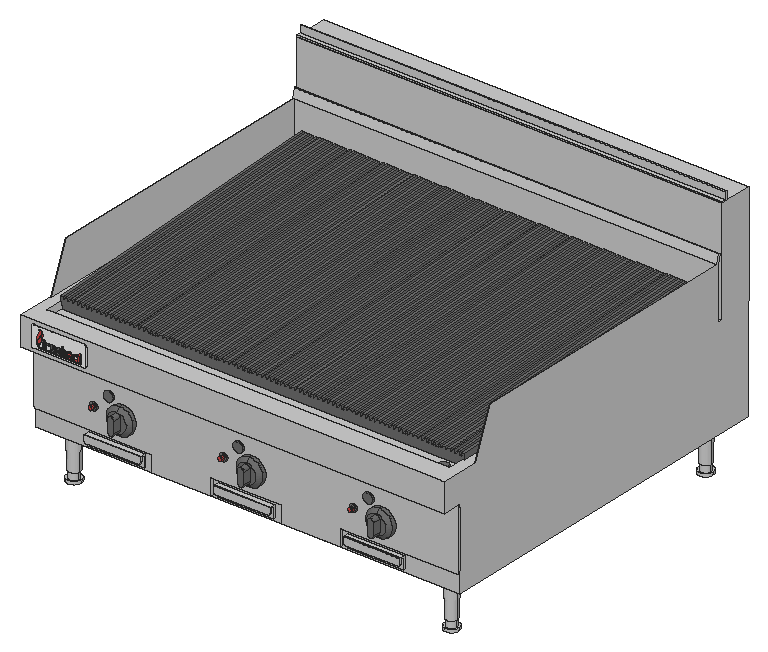
Revit family "QF_COMCATER ALL BRANDS_RCB9", category Specialty Equipment, Revit 2014
Parameters (values of type "RCB9_Natural Gas")
  URL Cutsheet = ""
  URL = ""
  Type Comments = "The Australian owned and designed* Trueheat RC Series of Gas Cooking Equipment has been developed for the restaurant and cafe market with a high quality finish, designed to fulfill the busy demands within a commercial kitchen.\r\nOur team of professionals have designed and engineered the ultimate barbecue by incorporating premium infrared technology. Heavy duty cast iron radiant hoods over powerful gas burners radiate heat to the grates are reversible for angled or flat operation.\r\n100% Flame failure controls included as standard. Piezo ignition included as standard."
  Status [instance] = ""
  Specification by User [instance] = ""
  Specification by Manufacturer [instance] = ""
  Seismic Rating = ""
  SMACNA No = ""
  Revision Code [instance] = ""
  Nominal Gas power = 23600 W
  NAFEM Spec ID Number = ""
  Model = "RCB9"
  Mechanical Connection Type [instance] = " "
  Masterspec = ""
  Manufacturer = "TRUEHEAT"
  Length Actual = 900 mm
  Item Number [instance] = ""
  Installed By [instance] = ""
  Identify Quantity as Lot [instance] = no
  Height Actual = 455 mm
  Gas power kW = 23.6
  Gas Size Flexible = 0 mm
  Gas Size = 19.05 mm
  Gas RI Height [instance] = 0 mm
  Gas Flow = 0.0 L/s
  Gas Connection Height [instance] = 150 mm
  Furnished By [instance] = ""
  Foodservice Equipment Identifier [instance] = yes
  Description = "GAS BARBECUE TOP"
  Depth Actual = 803 mm
  CSI MasterFormat = ""
  BTUH = 23600 W
  Assembly Code = "E1090320"
  Accessory = no
Types (2, lengths in mm): name | Nominal Gas power | Gas power kW | BTUH
  RCB9_Natural Gas | 23600 W | 23.6 | 23600 W
  RCB9_LPG | 21500 W | 21.5 | 21500 W
Reference planes
  plane 1 "Center (Front/Back)": y = 0
  plane 2: z = 0
  plane 3 "Center (Left/Right)": x = 0
Forms (mm)
  Extrusion 1, solid
    sketch origin (110, 0, 150) x (1, 0, 0) y (0, 1, 0)
      loop
        line (0, 0) -> (2, 0) -> (2, 2) -> (0, 2) -> (0, 0)
    from 0 to 2
Dimensions and locks
  aligned and locked: level to plane 2
Nested families
  nested 1: "QF_COMCATER ALL BRANDS_RCB9_Natural Gas" at (0, 0, 100), type "RCB9_Natural Gas"
    with Show Logo yes, Show Clearance yes
  nested 2: "QF_COMCATER_B05002-900" at (0, 0, 0), type "B05002-900"
    with Show Logo yes, Show Clearance yes
Connectors
  piping at (111, 2, 151), diameter 19.05, driven by "Gas Size", driven by "Gas Flow"
    settings: on Extrusion 1, index 1, connector inside diameter 609.6 mm, connector length 0 mm, flow factor 0, pipe flow 0.0 L/s, pressure drop 0.0 Pa, fitting loss kfactor 0, connector angle 0.00°, fixture units 0, engagement length 0 mm, angle of deflection 0.00°, flow configuration 1, flow direction 1, fitting loss method 0, system type 22, joint type 0, gender type 0, connector reference index -1, connector utility 0, adjustable connector no, is connector primary yes, connector description "Gas connection for 'RCB9'"
Definition of nested family "QF_COMCATER ALL BRANDS_RCB9_Natural Gas"
  Parameters (values of type "RCB9_Natural Gas")
    URL = "www.comcater.com.au"
    Show Logo [instance] = yes
    Show Clearance [instance] = yes
    Model = "RCB9"
    Manufacturer = "TRUEHEAT"
    Description = "GAS BARBECUE TOP"
    Assembly Code = "E1090320"
  Reference planes
    plane 1 "Back": y = 0
    plane 2: z = 0
    plane 3 "Left": x = 0
    plane 4 "Right": x = 900
    plane 5 "Front": y = -803
    plane 6 "Top": z = 455
  Forms (mm)
    Extrusion 1, solid
      sketch origin (0, 0, 2.5) x (0, 1, 0) y (0, 0, 1)
        loop
          line (0, 435) -> (-70, 435) -> (-70, 212.5) -> (-762.176, 212.5) -> (-762.176, 227.5) -> (-803, 227.5) -> (-803, 167.5) -> (-763, 167.5) -> (-763, -2.5) -> (0, -2.5) -> (0, 435)
      from 0 to 900
    Extrusion 2, solid
      sketch origin (0, 0, 2.5) x (0, 1, 0) y (0, 0, 1)
        loop
          line (-77.071, 341.25) -> (-82.176, 322.195) -> (-82.176, 197.5) -> (-80.176, 197.5) -> (-80.176, 321.931) -> (-75, 341.25) -> (-77.071, 341.25)
      from 0 to 900
    Extrusion 3, solid
      sketch origin (0, 0, 2.5) x (0, 1, 0) y (0, 0, 1)
        loop
          line (-82.176, 322.195) -> (-682.176, 322.195) -> (-722.176, 227.5) -> (-762.176, 227.5) -> (-762.176, 212.5) -> (-82.176, 212.5) -> (-82.176, 322.195)
      from 0 to 2
    Extrusion 4, solid
      sketch origin (898, 0, 2.5) x (0, 1, 0) y (0, 0, 1)
        loop
          line (-82.176, 322.195) -> (-682.176, 322.195) -> (-722.176, 227.5) -> (-762.176, 227.5) -> (-762.176, 212.5) -> (-82.176, 212.5) -> (-82.176, 322.195)
      from 0 to 2
    Extrusion 5, solid
      sketch origin (-4.5, -348.59, 6.767) x (1, 0, 0) y (0, -0.052336, 0.99863)
        loop
          line (27, 227.5) -> (882, 227.5) -> (882, 252.5) -> (877, 252.5) -> (877, 247.5) -> (872, 247.5) -> (872, 252.5) -> (867, 252.5) -> (867, 247.5) -> (862, 247.5) -> (862, 252.5) -> (857, 252.5) -> (857, 247.5) -> (852, 247.5) -> (852, 252.5) -> (847, 252.5) -> (847, 247.5) -> (842, 247.5) -> (842, 252.5) -> (837, 252.5) -> (837, 247.5) -> (832, 247.5) -> (832, 252.5) -> (827, 252.5) -> (827, 247.5) -> (822, 247.5) -> (822, 252.5) -> (817, 252.5) -> (817, 247.5) -> (812, 247.5) -> (812, 252.5) -> (807, 252.5) -> (807, 247.5) -> (802, 247.5) -> (802, 252.5) -> (797, 252.5) -> (797, 247.5) -> (792, 247.5) -> (792, 252.5) -> (787, 252.5) -> (787, 247.5) -> (782, 247.5) -> (782, 252.5) -> (777, 252.5) -> (777, 247.5) -> (772, 247.5) -> (772, 252.5) -> (767, 252.5) -> (767, 247.5) -> (762, 247.5) -> (762, 252.5) -> (757, 252.5) -> (757, 247.5) -> (752, 247.5) -> (752, 252.5) -> (747, 252.5) -> (747, 247.5) -> (742, 247.5) -> (742, 252.5) -> (737, 252.5) -> (737, 247.5) -> (732, 247.5) -> (732, 252.5) -> (727, 252.5) -> (727, 247.5) -> (722, 247.5) -> (722, 252.5) -> (717, 252.5) -> (717, 247.5) -> (712, 247.5) -> (712, 252.5) -> (707, 252.5) -> (707, 247.5) -> (702, 247.5) -> (702, 252.5) -> (697, 252.5) -> (697, 247.5) -> (692, 247.5) -> (692, 252.5) -> (687, 252.5) -> (687, 247.5) -> (682, 247.5) -> (682, 252.5) -> (677, 252.5) -> (677, 247.5) -> (672, 247.5) -> (672, 252.5) -> (667, 252.5) -> (667, 247.5) -> (662, 247.5) -> (662, 252.5) -> (657, 252.5) -> (657, 247.5) -> (652, 247.5) -> (652, 252.5) -> (647, 252.5) -> (647, 247.5) -> (642, 247.5) -> (642, 252.5) -> (637, 252.5) -> (637, 247.5) -> (632, 247.5) -> (632, 252.5) -> (627, 252.5) -> (627, 247.5) -> (622, 247.5) -> (622, 252.5) -> (617, 252.5) -> (617, 247.5) -> (612, 247.5) -> (612, 252.5) -> (607, 252.5) -> (607, 247.5) -> (602, 247.5) -> (602, 252.5) -> (597, 252.5) -> (597, 247.5) -> (592, 247.5) -> (592, 252.5) -> (587, 252.5) -> (587, 247.5) -> (582, 247.5) -> (582, 252.5) -> (577, 252.5) -> (577, 247.5) -> (572, 247.5) -> (572, 252.5) -> (567, 252.5) -> (567, 247.5) -> (562, 247.5) -> (562, 252.5) -> (557, 252.5) -> (557, 247.5) -> (552, 247.5) -> (552, 252.5) -> (547, 252.5) -> (547, 247.5) -> (542, 247.5) -> (542, 252.5) -> (537, 252.5) -> (537, 247.5) -> (532, 247.5) -> (532, 252.5) -> (527, 252.5) -> (527, 247.5) -> (522, 247.5) -> (522, 252.5) -> (517, 252.5) -> (517, 247.5) -> (512, 247.5) -> (512, 252.5) -> (507, 252.5) -> (507, 247.5) -> (502, 247.5) -> (502, 252.5) -> (497, 252.5) -> (497, 247.5) -> (492, 247.5) -> (492, 252.5) -> (487, 252.5) -> (487, 247.5) -> (482, 247.5) -> (482, 252.5) -> (477, 252.5) -> (477, 247.5) -> (472, 247.5) -> (472, 252.5) -> (467, 252.5) -> (467, 247.5) -> (462, 247.5) -> (462, 252.5) -> (457, 252.5) -> (457, 247.5) -> (452, 247.5) -> (452, 252.5) -> (447, 252.5) -> (447, 247.5) -> (442, 247.5) -> (442, 252.5) -> (437, 252.5) -> (437, 247.5) -> (432, 247.5) -> (432, 252.5) -> (427, 252.5) -> (427, 247.5) -> (422, 247.5) -> (422, 252.5) -> (417, 252.5) -> (417, 247.5) -> (412, 247.5) -> (412, 252.5) -> (407, 252.5) -> (407, 247.5) -> (402, 247.5) -> (402, 252.5) -> (397, 252.5) -> (397, 247.5) -> (392, 247.5) -> (392, 252.5) -> (387, 252.5) -> (387, 247.5) -> (382, 247.5) -> (382, 252.5) -> (377, 252.5) -> (377, 247.5) -> (372, 247.5) -> (372, 252.5) -> (367, 252.5) -> (367, 247.5) -> (362, 247.5) -> (362, 252.5) -> (357, 252.5) -> (357, 247.5) -> (352, 247.5) -> (352, 252.5) -> (347, 252.5) -> (347, 247.5) -> (342, 247.5) -> (342, 252.5) -> (337, 252.5) -> (337, 247.5) -> (332, 247.5) -> (332, 252.5) -> (327, 252.5) -> (327, 247.5) -> (322, 247.5) -> (322, 252.5) -> (317, 252.5) -> (317, 247.5) -> (312, 247.5) -> (312, 252.5) -> (307, 252.5) -> (307, 247.5) -> (302, 247.5) -> (302, 252.5) -> (297, 252.5) -> (297, 247.5) -> (292, 247.5) -> (292, 252.5) -> (287, 252.5) -> (287, 247.5) -> (282, 247.5) -> (282, 252.5) -> (277, 252.5) -> (277, 247.5) -> (272, 247.5) -> (272, 252.5) -> (267, 252.5) -> (267, 247.5) -> (262, 247.5) -> (262, 252.5) -> (257, 252.5) -> (257, 247.5) -> (252, 247.5) -> (252, 252.5) -> (247, 252.5) -> (247, 247.5) -> (242, 247.5) -> (242, 252.5) -> (237, 252.5) -> (237, 247.5) -> (232, 247.5) -> (232, 252.5) -> (227, 252.5) -> (227, 247.5) -> (222, 247.5) -> (222, 252.5) -> (217, 252.5) -> (217, 247.5) -> (212, 247.5) -> (212, 252.5) -> (207, 252.5) -> (207, 247.5) -> (202, 247.5) -> (202, 252.5) -> (197, 252.5) -> (197, 247.5) -> (192, 247.5) -> (192, 252.5) -> (187, 252.5) -> (187, 247.5) -> (182, 247.5) -> (182, 252.5) -> (177, 252.5) -> (177, 247.5) -> (172, 247.5) -> (172, 252.5) -> (167, 252.5) -> (167, 247.5) -> (162, 247.5) -> (162, 252.5) -> (157, 252.5) -> (157, 247.5) -> (152, 247.5) -> (152, 252.5) -> (147, 252.5) -> (147, 247.5) -> (142, 247.5) -> (142, 252.5) -> (137, 252.5) -> (137, 247.5) -> (132, 247.5) -> (132, 252.5) -> (127, 252.5) -> (127, 247.5) -> (122, 247.5) -> (122, 252.5) -> (117, 252.5) -> (117, 247.5) -> (112, 247.5) -> (112, 252.5) -> (107, 252.5) -> (107, 247.5) -> (102, 247.5) -> (102, 252.5) -> (97, 252.5) -> (97, 247.5) -> (92, 247.5) -> (92, 252.5) -> (87, 252.5) -> (87, 247.5) -> (82, 247.5) -> (82, 252.5) -> (77, 252.5) -> (77, 247.5) -> (72, 247.5) -> (72, 252.5) -> (67, 252.5) -> (67, 247.5) -> (62, 247.5) -> (62, 252.5) -> (57, 252.5) -> (57, 247.5) -> (52, 247.5) -> (52, 252.5) -> (47, 252.5) -> (47, 247.5) -> (42, 247.5) -> (42, 252.5) -> (37, 252.5) -> (37, 247.5) -> (32, 247.5) -> (32, 252.5) -> (27, 252.5) -> (27, 227.5)
      from -275.52 to 362.176
    Extrusion 6, solid
      sketch origin (0, 0, 2.5) x (1, 0, 0) y (0, 1, 0)
        loop
          line (22.5, -762.176) -> (22.5, -92.176) -> (877.5, -92.176) -> (877.5, -762.176) -> (898, -762.176) -> (898, -82.176) -> (2, -82.176) -> (2, -762.176) -> (22.5, -762.176)
      from 212.5 to 227.5
    Revolve 7, solid
      sketch origin (126.662, -3, -56.377) x (0, 1, 0) y (0, 0, 1)
        loop
          line (-763, 142.627) -> (-763, 150.127) -> (-765.011, 150.127) -> (-767, 146.627) -> (-767, 142.627) -> (-763, 142.627)
        axis (-767, 142.627) -> (-763, 142.627)
      angle from 0 to 360
    Extrusion 8, solid
      sketch origin (126.662, -3, -56.377) x (1, 0, 0) y (0, 0, 1)
        loop
          circle (0, 142.627) r 4
      from 772.997 to 767
    Extrusion 9, solid
      sketch origin (-75.607, 37, 25) x (1, 0, 0) y (0, 0, 1)
        loop
          circle (234.162, 91.25) r 10.607
      from 803 to 805
    Extrusion 10, solid
      sketch origin (0, -763, 2.5) x (1, 0, 0) y (0, 0, 1)
        loop
          line (0, 162.5) -> (0, 40)
          arc (0, 40) -> (1.464, 36.464) -> (5, 35) r 5
          line (5, 35) -> (250, 35) -> (250, 0) -> (375, 0) -> (375, 35) -> (525, 35) -> (525, 0) -> (650, 0) -> (650, 35) -> (895, 35)
          arc (895, 35) -> (898.536, 36.464) -> (900, 40) r 5
          line (900, 40) -> (900, 162.5)
          arc (900, 162.5) -> (898.536, 166.036) -> (895, 167.5) r 5
          line (895, 167.5) -> (5, 167.5)
          arc (5, 167.5) -> (1.464, 166.036) -> (0, 162.5) r 5
      from 0 to 3
    Extrusion 11, solid
      sketch origin (92.5, -776, 2.5) x (1, 0, 0) y (0, 0, 1)
        loop
          arc (22.5, 20) -> (23.964, 16.464) -> (27.5, 15) r 5
          line (27.5, 15) -> (137.5, 15)
          arc (137.5, 15) -> (141.036, 16.464) -> (142.5, 20) r 5
          line (142.5, 20) -> (142.5, 30) -> (22.5, 30) -> (22.5, 20)
      from 0 to 2
    Extrusion 12, solid, visible <- "Show Logo"
      sketch origin (30, -802.5, 9.763) x (1, 0, 0) y (0, 0, 1)
        loop
          line (98.5, 191.841) -> (96.5, 191.841) -> (96.5, 189.798) -> (95.026, 189.798) -> (95.026, 187.798) -> (96.5, 187.798) -> (96.5, 175.237) -> (98.5, 175.237) -> (98.5, 187.798) -> (100, 187.798) -> (100, 189.798) -> (98.5, 189.798) -> (98.5, 191.841)
        loop
          line (94, 187.798) -> (92, 187.798) -> (92, 186.56)
          arc (92, 186.56) -> (81.976, 181.518) -> (92, 176.475) r 6.28
          line (92, 176.475) -> (92, 175.237) -> (94, 175.237) -> (94, 187.798)
        loop
          arc (92, 183.592) -> (83.976, 181.518) -> (92, 179.443) r 4.28
          line (92, 179.443) -> (92, 183.592)
        loop
          line (65.446, 184.298) -> (65.446, 175.237) -> (67.446, 175.237) -> (67.446, 184.729)
          arc (67.446, 184.729) -> (64.497, 187.542) -> (60.446, 187.101) r 4.833
          line (60.446, 187.101) -> (60.446, 191.841) -> (58.446, 191.841) -> (58.446, 175.237) -> (60.446, 175.237) -> (60.446, 184.298)
          arc (60.446, 184.298) -> (62.946, 185.798) -> (65.446, 184.298) r 2.833
        loop
          arc (80.998, 181.518) -> (69.107, 184.34) -> (78.461, 176.475) r 6.28
          line (78.461, 176.475) -> (77.269, 178.081)
          arc (77.269, 178.081) -> (72.794, 177.694) -> (70.437, 181.518) r 4.28
          line (70.437, 181.518) -> (80.998, 181.518)
        loop
          arc (78.502, 183.518) -> (74.717, 185.798) -> (70.933, 183.518) r 4.28
          line (70.933, 183.518) -> (78.502, 183.518)
      from 0 to 2
    Extrusion 13, solid, visible <- "Show Logo"
      sketch origin (14.146, -802.5, 9.763) x (1, 0, 0) y (0, 0, 1)
        loop
          arc (70.804, 183.518) -> (67.02, 185.798) -> (63.236, 183.518) r 4.28
          line (63.236, 183.518) -> (70.804, 183.518)
        loop
          arc (73.3, 181.518) -> (61.409, 184.34) -> (70.764, 176.475) r 6.28
          line (70.764, 176.475) -> (69.572, 178.081)
          arc (69.572, 178.081) -> (65.096, 177.694) -> (62.74, 181.518) r 4.28
          line (62.74, 181.518) -> (73.3, 181.518)
        loop
          line (34.617, 191.841) -> (34.617, 189.798) -> (33.143, 189.798) -> (33.143, 187.798) -> (34.617, 187.798) -> (34.617, 175.237) -> (36.617, 175.237) -> (36.617, 187.798) -> (38.117, 187.798) -> (38.117, 189.798) -> (36.617, 189.798) -> (36.617, 191.841) -> (34.617, 191.841)
        loop
          arc (57.696, 178.737) -> (55.196, 177.237) -> (52.696, 178.737) r 2.833
          line (52.696, 178.737) -> (52.696, 187.798) -> (50.696, 187.798) -> (50.696, 178.307)
          arc (50.696, 178.307) -> (55.196, 175.237) -> (59.696, 178.307) r 4.833
          line (59.696, 178.307) -> (59.696, 187.798) -> (57.696, 187.798) -> (57.696, 178.737)
        loop
          line (41.117, 186.56) -> (41.117, 187.798) -> (39.117, 187.798) -> (39.117, 175.237) -> (41.117, 175.237) -> (41.117, 183.592)
          arc (41.117, 183.592) -> (44.587, 185.789) -> (48.31, 184.053) r 4.28
          line (48.31, 184.053) -> (49.735, 185.478)
          arc (49.735, 185.478) -> (45.643, 187.749) -> (41.117, 186.56) r 6.28
      from 0 to 2
    Extrusion 14, solid, visible <- "Show Logo"
      sketch origin (0, -802.5, 7.5) x (1, 0, 0) y (0, 0, 1)
        loop
          line (130, 176.5) -> (40, 176.5) -> (40, 175.5) -> (130, 175.5) -> (130, 176.5)
        loop
          arc (40, 177.5) -> (40.603, 181.061) -> (42.43, 184.177) r 10.013
          arc (42.43, 184.177) -> (44.457, 187.03) -> (45.914, 190.212) r 18.627
          arc (45.914, 190.212) -> (46.43, 193.956) -> (45.458, 197.608) r 9.58
          arc (45.458, 197.608) -> (44.352, 194.23) -> (41.979, 191.583) r 8.629
          arc (41.979, 191.583) -> (38.017, 184.959) -> (40, 177.5) r 9.924
        loop
          arc (39.054, 199.801) -> (35.351, 191.043) -> (36.701, 181.631) r 17.746
          arc (36.701, 181.631) -> (36.715, 187.191) -> (39.483, 192.014) r 10.848
          arc (39.483, 192.014) -> (42.461, 196.051) -> (44.165, 200.77) r 17.413
          arc (44.165, 200.77) -> (46.042, 199.588) -> (47.328, 197.781) r 5.718
          arc (47.328, 197.781) -> (46.772, 205.563) -> (40.995, 210.808) r 10.489
          arc (40.995, 210.808) -> (41.42, 205.059) -> (39.054, 199.801) r 11.727
      from 0 to 2
    Extrusion 15, solid, visible <- "Show Logo"
      sketch origin (0, -802, 7.5) x (1, 0, 0) y (0, 0, 1)
        loop
          line (29.373, 170.5) -> (135, 170.5)
          arc (135, 170.5) -> (138.536, 171.964) -> (140, 175.5) r 5
          line (140, 175.5) -> (140, 210.808)
          arc (140, 210.808) -> (138.536, 214.344) -> (135, 215.808) r 5
          line (135, 215.808) -> (29.373, 215.808)
          arc (29.373, 215.808) -> (25.837, 214.344) -> (24.373, 210.808) r 5
          line (24.373, 210.808) -> (24.373, 175.5)
          arc (24.373, 175.5) -> (25.837, 171.964) -> (29.373, 170.5) r 5
      from 0 to 2
    Extrusion 16, solid
      sketch origin (470, 20, 215) x (1, 0, 0) y (0, 1, 0)
        loop
          circle (377.5, -762.176) r 10
      from 0 to 2
    Extrusion 17, solid
      sketch origin (110, 10, 52.5) x (1, 0, 0) y (0, 0, 1)
        loop
          circle (0, 0) r 9.3
      from 0 to 10
    Revolve 18, solid
      sketch origin (676.663, -3, -56.377) x (0, 1, 0) y (0, 0, 1)
        loop
          line (-763, 142.627) -> (-763, 150.127) -> (-765.011, 150.127) -> (-767, 146.627) -> (-767, 142.627) -> (-763, 142.627)
        axis (-767, 142.627) -> (-763, 142.627)
      angle from 0 to 360
    Extrusion 19, solid
      sketch origin (676.663, -3, -56.377) x (1, 0, 0) y (0, 0, 1)
        loop
          circle (0, 142.627) r 4
      from 772.997 to 767
    Extrusion 20, solid
      sketch origin (474.393, 37, 25) x (1, 0, 0) y (0, 0, 1)
        loop
          circle (234.162, 91.25) r 10.607
      from 803 to 805
    Extrusion 21, solid
      sketch origin (642.5, -776, 2.5) x (1, 0, 0) y (0, 0, 1)
        loop
          arc (22.5, 20) -> (23.964, 16.464) -> (27.5, 15) r 5
          line (27.5, 15) -> (137.5, 15)
          arc (137.5, 15) -> (141.036, 16.464) -> (142.5, 20) r 5
          line (142.5, 20) -> (142.5, 30) -> (22.5, 30) -> (22.5, 20)
      from 0 to 2
    Revolve 22, solid
      sketch origin (401.662, -3, -56.377) x (0, 1, 0) y (0, 0, 1)
        loop
          line (-763, 142.627) -> (-763, 150.127) -> (-765.011, 150.127) -> (-767, 146.627) -> (-767, 142.627) -> (-763, 142.627)
        axis (-767, 142.627) -> (-763, 142.627)
      angle from 0 to 360
    Extrusion 23, solid
      sketch origin (401.662, -3, -56.377) x (1, 0, 0) y (0, 0, 1)
        loop
          circle (0, 142.627) r 4
      from 772.997 to 767
    Extrusion 24, solid
      sketch origin (199.393, 37, 25) x (1, 0, 0) y (0, 0, 1)
        loop
          circle (234.162, 91.25) r 10.607
      from 803 to 805
    Extrusion 25, solid
      sketch origin (367.5, -776, 2.5) x (1, 0, 0) y (0, 0, 1)
        loop
          arc (22.5, 20) -> (23.964, 16.464) -> (27.5, 15) r 5
          line (27.5, 15) -> (137.5, 15)
          arc (137.5, 15) -> (141.036, 16.464) -> (142.5, 20) r 5
          line (142.5, 20) -> (142.5, 30) -> (22.5, 30) -> (22.5, 20)
      from 0 to 2
    Revolve 26, solid
      sketch origin (742.5, 13, -489.263) x (0, 1, 0) y (0, 0, -1)
        loop
          line (-786.003, -575.513) -> (-786.003, -547.176) -> (-793.012, -547.176) -> (-801, -555.163) -> (-801, -575.513) -> (-786.003, -575.513)
        axis (-786.003, -575.513) -> (-801, -575.513)
      angle from 0 to 360
    Extrusion 27, solid
      sketch origin (1115.181, -775, -1413.928) x (0.707107, 0, -0.707107) y (-0.707107, 0, -0.707107)
        loop
          line (-1328.297, -810.227) -> (-1311.344, -793.275)
          arc (-1311.344, -793.275) -> (-1311.344, -784.294) -> (-1320.325, -784.294) r 6.35
          line (-1320.325, -784.294) -> (-1337.277, -801.247)
          arc (-1337.277, -801.247) -> (-1337.277, -810.227) -> (-1328.297, -810.227) r 6.35
      from -13 to -28
    Extrusion 28, solid
      sketch origin (634.162, 0, -680) x (1, 0, 0) y (0, 0, 1)
        loop
          circle (108.338, 766.25) r 8
      from 766 to 773.003
    Extrusion 29, solid
      sketch origin (807.5, 0, 2.5) x (0, 1, 0) y (0, 0, -1)
        loop
          line (-776, -30) -> (-766, -30) -> (-766, -4.971) -> (-768.029, -4.971) -> (-768.029, -27.971) -> (-776, -27.971) -> (-776, -30)
      from 22.5 to 142.5
    Extrusion 30, solid
      sketch origin (532.5, 0, 2.5) x (0, 1, 0) y (0, 0, -1)
        loop
          line (-776, -30) -> (-766, -30) -> (-766, -4.971) -> (-768.029, -4.971) -> (-768.029, -27.971) -> (-776, -27.971) -> (-776, -30)
      from 22.5 to 142.5
    Extrusion 31, solid
      sketch origin (257.5, 0, 2.5) x (0, 1, 0) y (0, 0, -1)
        loop
          line (-776, -30) -> (-766, -30) -> (-766, -4.971) -> (-768.029, -4.971) -> (-768.029, -27.971) -> (-776, -27.971) -> (-776, -30)
      from 22.5 to 142.5
    Revolve 32, solid
      sketch origin (467.5, 13, -489.263) x (0, 1, 0) y (0, 0, -1)
        loop
          line (-786.003, -575.513) -> (-786.003, -547.176) -> (-793.012, -547.176) -> (-801, -555.163) -> (-801, -575.513) -> (-786.003, -575.513)
        axis (-786.003, -575.513) -> (-801, -575.513)
      angle from 0 to 360
    Extrusion 33, solid
      sketch origin (840.181, -775, -1413.928) x (0.707107, 0, -0.707107) y (-0.707107, 0, -0.707107)
        loop
          line (-1328.297, -810.227) -> (-1311.344, -793.275)
          arc (-1311.344, -793.275) -> (-1311.344, -784.294) -> (-1320.325, -784.294) r 6.35
          line (-1320.325, -784.294) -> (-1337.277, -801.247)
          arc (-1337.277, -801.247) -> (-1337.277, -810.227) -> (-1328.297, -810.227) r 6.35
      from -13 to -28
    Extrusion 34, solid
      sketch origin (359.162, 0, -680) x (1, 0, 0) y (0, 0, 1)
        loop
          circle (108.338, 766.25) r 8
      from 766 to 773.003
    Revolve 35, solid
      sketch origin (192.5, 13, -489.263) x (0, 1, 0) y (0, 0, -1)
        loop
          line (-786.003, -575.513) -> (-786.003, -547.176) -> (-793.012, -547.176) -> (-801, -555.163) -> (-801, -575.513) -> (-786.003, -575.513)
        axis (-786.003, -575.513) -> (-801, -575.513)
      angle from 0 to 360
    Extrusion 36, solid
      sketch origin (565.181, -775, -1413.928) x (0.707107, 0, -0.707107) y (-0.707107, 0, -0.707107)
        loop
          line (-1328.297, -810.227) -> (-1311.344, -793.275)
          arc (-1311.344, -793.275) -> (-1311.344, -784.294) -> (-1320.325, -784.294) r 6.35
          line (-1320.325, -784.294) -> (-1337.277, -801.247)
          arc (-1337.277, -801.247) -> (-1337.277, -810.227) -> (-1328.297, -810.227) r 6.35
      from -13 to -28
    Extrusion 37, solid
      sketch origin (84.162, 0, -680) x (1, 0, 0) y (0, 0, 1)
        loop
          circle (108.338, 766.25) r 8
      from 766 to 773.003
    Extrusion 38, solid, visible <- "Show Clearance", detail levels coarse
      sketch origin (0, 0, 2.5) x (0, 1, 0) y (0, 0, 1)
        loop
          line (-768.029, 4.971) -> (-768.029, 30) -> (-1196, 30) -> (-1196, 4.971) -> (-768.029, 4.971)
      from 115 to 235
    Extrusion 39, solid, visible <- "Show Clearance", detail levels coarse
      sketch origin (275, 0, 2.5) x (0, 1, 0) y (0, 0, 1)
        loop
          line (-768.029, 4.971) -> (-768.029, 30) -> (-1196, 30) -> (-1196, 4.971) -> (-768.029, 4.971)
      from 115 to 235
    Extrusion 40, solid, visible <- "Show Clearance", detail levels coarse
      sketch origin (550, 0, 2.5) x (0, 1, 0) y (0, 0, 1)
        loop
          line (-768.029, 4.971) -> (-768.029, 30) -> (-1196, 30) -> (-1196, 4.971) -> (-768.029, 4.971)
      from 115 to 235
    Extrusion 41, solid
      sketch origin (0, -23, 2.5) x (0, 1, 0) y (0, 0, 1)
        loop
          line (-47, 435) -> (-35, 435) -> (-35, 452.5) -> (-37, 452.5) -> (-37, 437) -> (-47, 437) -> (-47, 435)
      from 0 to 900
    Extrusion 42, solid, visible <- "Show Clearance", detail levels coarse
      sketch origin (0, 27, 2.5) x (1, 0, 0) y (0, 1, 0)
        loop
          line (1150, 123) -> (-250, 123) -> (-250, -830) -> (0, -830) -> (0, -27) -> (900, -27) -> (900, -830) -> (1150, -830) -> (1150, 123)
      from -2.5 to 452.5
  Cuts and joins
    joined: Extrusion 1, Extrusion 2, Extrusion 3, Extrusion 4, Extrusion 6
  Lines and regions (mm)
    symbolic lines, style "200-EquipBorder-2D"
      curve 1: line (0, 0, 0) -> (900, 0, 0)
      curve 2: line (900, 0, 0) -> (900, -803, 0)
      curve 3: line (900, -803, 0) -> (0, -803, 0)
      curve 4: line (0, -803, 0) -> (0, 0, 0)
      curve 31: line (100.7, 10, 0) -> (119.3, 10, 0)
      curve 32: line (119.3, 10, 0) -> (119.3, 0, 0)
      curve 33: line (100.7, 10, 0) -> (100.7, 0, 0)
      curve 75: line (0, -70, 0) -> (900, -70, 0)
    symbolic lines, style "200-EquipInternal-2D"
      curve 5: line (898, -722.176, 0) -> (900, -722.176, 0)
      curve 6: line (898, -722.176, 0) -> (898, -82.176, 0)
      curve 7: line (898, -82.176, 0) -> (2, -82.176, 0)
      curve 8: line (2, -82.176, 0) -> (2, -722.176, 0)
      curve 9: line (2, -722.176, 0) -> (0, -722.176, 0)
      curve 10: line (22.5, -762.176, 0) -> (877.5, -762.176, 0)
      curve 11: line (877.5, -85.354, 0) -> (22.5, -85.354, 0)
      curve 12: line (22.5, -85.354, 0) -> (22.5, -762.176, 0)
      curve 13: line (42.5, -85.354, 0) -> (42.5, -723.485, 0)
      curve 14: line (62.5, -85.354, 0) -> (62.5, -723.485, 0)
      curve 15: line (82.5, -85.354, 0) -> (82.5, -723.485, 0)
      curve 16: line (102.5, -85.354, 0) -> (102.5, -723.485, 0)
      curve 17: line (122.5, -85.354, 0) -> (122.5, -723.485, 0)
      curve 18: line (142.5, -85.354, 0) -> (142.5, -723.485, 0)
      curve 19: line (162.5, -85.354, 0) -> (162.5, -723.485, 0)
      curve 20: line (182.5, -85.354, 0) -> (182.5, -723.485, 0)
      curve 21: line (202.5, -85.354, 0) -> (202.5, -723.485, 0)
      curve 22: line (222.5, -85.354, 0) -> (222.5, -723.485, 0)
      curve 23: line (242.5, -85.354, 0) -> (242.5, -723.485, 0)
      curve 24: line (262.5, -85.354, 0) -> (262.5, -723.485, 0)
      curve 25: line (282.5, -85.354, 0) -> (282.5, -723.485, 0)
      curve 26: line (362.5, -85.354, 0) -> (362.5, -723.485, 0)
      curve 27: line (342.5, -85.354, 0) -> (342.5, -723.485, 0)
      curve 28: line (322.5, -85.354, 0) -> (322.5, -723.485, 0)
      curve 29: line (302.5, -85.354, 0) -> (302.5, -723.485, 0)
      curve 30: circle (847.5, -742.176, 0) r 10 normal (0, 0, 1)
      curve 34: line (382.5, -85.354, 0) -> (382.5, -723.485, 0)
      curve 35: line (402.5, -85.354, 0) -> (402.5, -723.485, 0)
      curve 36: line (422.5, -85.354, 0) -> (422.5, -723.485, 0)
      curve 37: line (442.5, -85.354, 0) -> (442.5, -723.485, 0)
      curve 38: line (462.5, -85.354, 0) -> (462.5, -723.485, 0)
      curve 39: line (562.5, -85.354, 0) -> (562.5, -723.485, 0)
      curve 40: line (542.5, -85.354, 0) -> (542.5, -723.485, 0)
      curve 41: line (522.5, -85.354, 0) -> (522.5, -723.485, 0)
      curve 42: line (502.5, -85.354, 0) -> (502.5, -723.485, 0)
      curve 43: line (482.5, -85.354, 0) -> (482.5, -723.485, 0)
      curve 44: line (877.5, -85.354, 0) -> (877.5, -762.176, 0)
      curve 45: line (622.5, -85.354, 0) -> (622.5, -723.485, 0)
      curve 46: line (602.5, -85.354, 0) -> (602.5, -723.485, 0)
      curve 47: line (642.5, -85.354, 0) -> (642.5, -723.485, 0)
      curve 48: line (662.5, -85.354, 0) -> (662.5, -723.485, 0)
      curve 49: line (682.5, -85.354, 0) -> (682.5, -723.485, 0)
      curve 50: line (702.5, -85.354, 0) -> (702.5, -723.485, 0)
      curve 51: line (722.5, -85.354, 0) -> (722.5, -723.485, 0)
      curve 52: line (802.5, -85.354, 0) -> (802.5, -723.485, 0)
      curve 53: line (782.5, -85.354, 0) -> (782.5, -723.485, 0)
      curve 54: line (762.5, -85.354, 0) -> (762.5, -723.485, 0)
      curve 55: line (742.5, -85.354, 0) -> (742.5, -723.485, 0)
      curve 56: line (822.5, -85.354, 0) -> (822.5, -723.485, 0)
      curve 57: line (582.5, -85.354, 0) -> (582.5, -723.485, 0)
      curve 58: line (842.5, -85.354, 0) -> (842.5, -723.485, 0)
      curve 59: line (862.5, -85.354, 0) -> (862.5, -723.485, 0)
      curve 72: line (877.5, -723.485, 0) -> (22.5, -723.485, 0)
      curve 73: line (0, -60, 0) -> (900, -60, 0)
      curve 74: line (900, -58, 0) -> (0, -58, 0)
    symbolic lines, style "QF_Door-Drawer Clearances", visible <- "Show Clearance"
      curve 60: line (115, -1196, 0) -> (115, -803, 0)
      curve 61: line (115, -1196, 0) -> (235, -1196, 0)
      curve 62: line (235, -1196, 0) -> (235, -803, 0)
      curve 63: line (390, -803, 0) -> (390, -1196, 0)
      curve 64: line (390, -1196, 0) -> (510, -1196, 0)
      curve 65: line (510, -1196, 0) -> (510, -803, 0)
      curve 66: line (665, -803, 0) -> (665, -1196, 0)
      curve 67: line (665, -1196, 0) -> (785, -1196, 0)
      curve 68: line (785, -1196, 0) -> (785, -803, 0)
    symbolic lines, style "QF_Clearances", visible <- "Show Clearance"
      curve 69: line (-250, -803, 0) -> (-250, 150, 0)
      curve 70: line (-250, 150, 0) -> (1150, 150, 0)
      curve 71: line (1150, 150, 0) -> (1150, -803, 0)
  Dimensions and locks
    plane 1 "Back" to plane 5 "Front" = 803 mm
    plane 6 "Top" to level = 455 mm  (x2)
    plane 3 "Left" to plane 4 "Right" = 900 mm
    plane 5 "Front" to plane 1 "Back" = 803 mm
    plane 4 "Right" to plane 3 "Left" = 900 mm
    aligned and locked: level to plane 2
  Connectors
    piping at (110, 10, 52.5), diameter 19
      settings: on Extrusion 17, index 1, connector inside diameter 609.6 mm, connector length 0 mm, flow factor 0, pipe flow 0.0 L/s, pressure drop 0.0 Pa, fitting loss kfactor 0, connector angle 0.00°, fixture units 0, engagement length 0 mm, angle of deflection 0.00°, flow configuration 1, flow direction 1, fitting loss method 0, system type 22, joint type 0, gender type 0, connector reference index -1, connector utility 0, adjustable connector no, is connector primary yes, connector description "Gas Inlet"
Definition of nested family "QF_COMCATER_B05002-900"
  Parameters (values of type "B05002-900")
    URL = ""
    Type Comments = ""
    Show Logo [instance] = yes
    Show Clearance [instance] = yes
    Model = "B05002"
    Manufacturer = "TRUEHEAT"
    Length Actual = 900 mm
    Height Actual = 100 mm
    Description = "ADJUSTABLE LEG FOR RCT COUNTERTOP MOUNTING 900MM"
    Depth Actual = 803 mm
    Assembly Code = "E1090320"
    Accessory = yes
  Reference planes
    plane 1 "Back": y = 0
    plane 2: z = 0
    plane 3 "Left": x = 0
    plane 4 "Right": x = 900
    plane 5 "Front": y = -803
    plane 6 "Top": z = 100
  Forms (mm)
    Revolve 1, solid
      sketch origin (0, -50, 0) x (1, 0, 0) y (0, 0, 1)
        loop
          line (50, 0) -> (65.5, 0) -> (65.5, 5) -> (60, 5) -> (60, 20) -> (62, 20) -> (63.5, 95) -> (65.5, 95) -> (65.5, 100) -> (50, 100) -> (50, 0)
        axis (50, 0) -> (50, 100)
      angle from 0 to 360
    Revolve 2, solid
      sketch origin (0, -723, 0) x (1, 0, 0) y (0, 0, -1)
        loop
          line (50, 0) -> (50, -100) -> (65.5, -100) -> (65.5, -95) -> (63.5, -95) -> (62, -20) -> (60, -20) -> (60, -5) -> (65.5, -5) -> (65.5, 0) -> (50, 0)
        axis (50, 0) -> (50, -100)
      angle from 0 to 360
    Revolve 3, solid
      sketch origin (900, -50, 0) x (-1, 0, 0) y (0, 0, -1)
        loop
          line (50, 0) -> (50, -100) -> (65.5, -100) -> (65.5, -95) -> (63.5, -95) -> (62, -20) -> (60, -20) -> (60, -5) -> (65.5, -5) -> (65.5, 0) -> (50, 0)
        axis (50, 0) -> (50, -100)
      angle from 0 to 360
    Revolve 4, solid
      sketch origin (900, -723, 0) x (-1, 0, 0) y (0, 0, 1)
        loop
          line (50, 0) -> (65.5, 0) -> (65.5, 5) -> (60, 5) -> (60, 20) -> (62, 20) -> (63.5, 95) -> (65.5, 95) -> (65.5, 100) -> (50, 100) -> (50, 0)
        axis (50, 0) -> (50, 100)
      angle from 0 to 360
  Dimensions and locks
    plane 3 "Left" to plane 4 "Right" = 900 mm
    plane 5 "Front" to plane 1 "Back" = 803 mm
    plane 6 "Top" to level = 100 mm
    aligned and locked: level to plane 2
